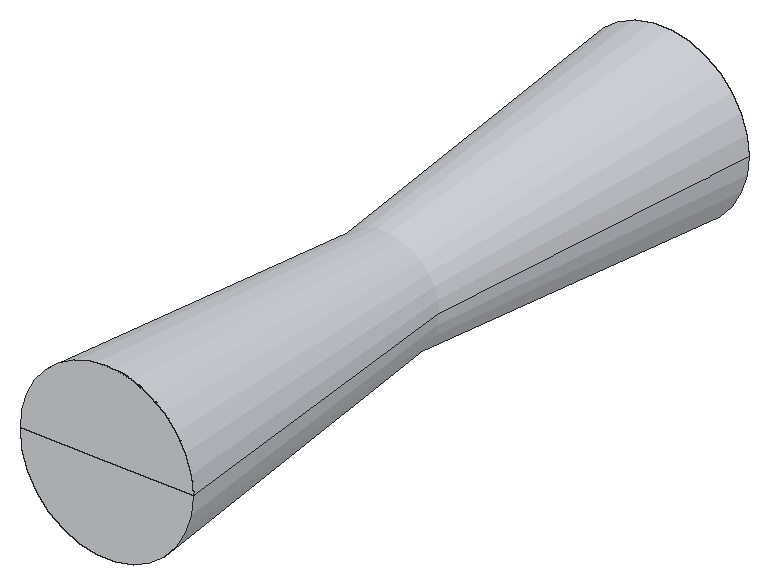
Revit family "Coat Hook", category Generic Models, Revit 2021
Family settings
  Can host rebar = No
  Round Connector Dimension = Use Diameter
  Part Type = Normal
  Work Plane-Based = No
  Always vertical = Yes
  Cut with Voids When Loaded = No
  Shared = No
  Room Calculation Point = No
Parameters
  Default Elevation = 0' - 0"
Reference planes (in)
  plane 1 "Center (Front/Back)": y = 0
  plane 2: z = 0
  plane 3 "Center (Left/Right)": x = 0
Forms (in)
  Revolve 1, solid
    sketch origin (0, 0, 0) x (1, 0, 0) y (0, 1, 0)
      loop
        line (0, 0) -> (0.5, 0)
        arc (0.5, 0) -> (0.31665, 2) -> (0.5, 4) r 11
        line (0.5, 4) -> (0, 4) -> (0, 0)
      axis (0, 0) -> (0, 4)
    angle from 0 to 360
Dimensions and locks (in)
  aligned and locked: plane 2 to level
